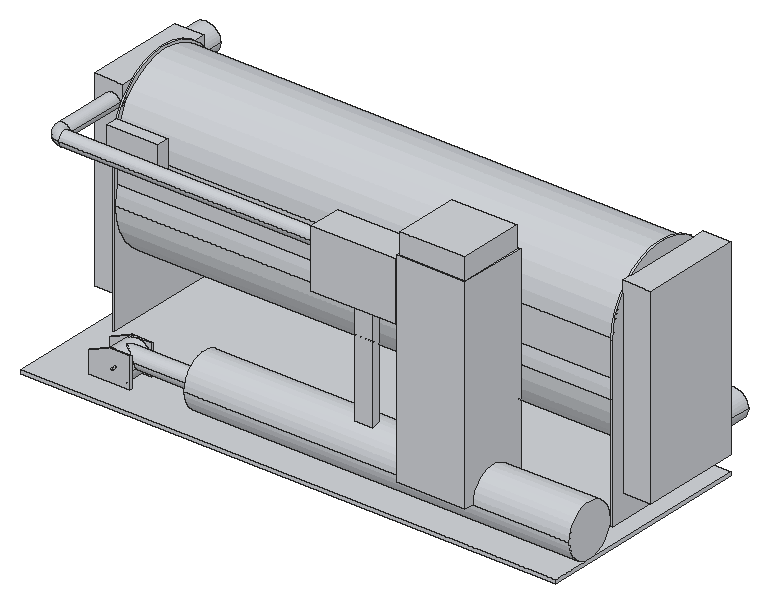
Revit family "12dffa9f85264445aa4aea0790d07088", category Mechanical Equipment, Revit 2021
Family settings
  Round Connector Dimension = Use Radius
  Part Type = Normal
  OmniClass Number = 23.75.10.24.21.21.11
  OmniClass Title = Absorption Water Chillers
  Seek Item ID = Absorption Chiller - Direct Fired - 600-1100 Tons-0000-USA-ENU
  Work Plane-Based = No
  Always vertical = Yes
  Cut with Voids When Loaded = No
  Shared = No
  Room Calculation Point = No
Parameters (values of type "900 Tons")
  Voltage = 460 V
  Load Classification = Cooling
  Exhaust Duct Width = 36 7/8"
  Exhaust Duct Height = 36 7/8"
  Number of Poles = 3
  Length 3 = Length 2 - 0' 10"  # 9' - 5 3/8"
  Length 2 = C3 Offset 3 + Cooling Water Supply Radius + 0' 1"  # 10' - 3 3/8"
  Length 1 = (Chiller Width - 4' 5") / 2  # 2' - 11 5/16"
  Heat Capacity [instance] = 9892000.0 Btu/h
  Half Chiller Height = Chiller Height / 2  # 5' - 5 9/16"
  Gas Radius = 1/2"
  Gas Flow [instance] = 16755 GPM
  Gas Diameter = Gas Radius * 2  # 1"
  Exhaust Flow [instance] = 27601 GPM
  Default Elevation = 0' - 0"
  Cooling Water Supply Radius = 8"
  Cooling Water Supply Diameter = Cooling Water Supply Radius * 2  # 16"
  Cooling Water Return Radius = 8"
  Cooling Water Return Diameter = Cooling Water Return Radius * 2  # 16"
  Condenser Pressure Drop [instance] = 16.07 psi
  Cooling Water Flow [instance] = 3810 GPM
  Cooling Capacity [instance] = 10368000 Btu/h
  Chiller Width = 10' - 3 5/8"
  Chiller Material = none
  Chiller Length = 26' - 1 7/8"
  Chiller Height = 10' - 11 1/8"
  Chilled Water Supply Radius = 6"
  Chilled Water Supply Diameter = Chilled Water Supply Radius * 2  # 12"
  Chilled Water Return Radius = 6"
  Chilled Water Return Diameter = Chilled Water Return Radius * 2  # 12"
  Evaporator Pressure Drop [instance] = 7.56 psi
  Chilled Water Flow [instance] = 2074 GPM
  C6 Offset 1 = 19' - 0"
  C4 Offset 3 = 2' - 10"
  C3 Offset 3 = 9' - 6 3/8"
  C2 Offset 3 = 7' - 7 1/2"
  C1 Offset 3 = 3' - 8 3/4"
  Apparent Load [instance] = 14500 VA
Types (7): name | Exhaust Duct Width | Exhaust Duct Height | Length 3 | Length 2 | Length 1 | Heat Capacity | Half Chiller Height | Gas Flow | Exhaust Flow | Condenser Pressure Drop | Cooling Water Flow | Cooling Capacity | Chiller Width | Chiller Length | Chiller Height | Evaporator Pressure Drop | Chilled Water Flow | C6 Offset 1 | C4 Offset 3 | C3 Offset 3 | C2 Offset 3 | C1 Offset 3 | Apparent Load
  (no name) | 36 7/8" | 36 7/8" | 9' - 5 3/8" | 10' - 3 3/8" | 2' - 11 5/16" | 9892000.0 Btu/h | 5' - 5 9/16" | 16755 GPM | 27601 GPM | 16.07 psi | 3810 GPM | 10368000 Btu/h | 10' - 3 5/8" | 26' - 1 7/8" | 10' - 11 1/8" | 7.56 psi | 2074 GPM | 19' - 0" | 2' - 10" | 9' - 6 3/8" | 7' - 7 1/2" | 3' - 8 3/4" | 14500 VA
  600 Tons | 30 3/4" | 30 3/4" | 9' - 5 1/8" | 10' - 3 1/8" | 2' - 8 1/16" | 6595000.0 Btu/h | 5' - 5 9/16" | 11145 GPM | 18401 GPM | 11.059 psi | 2540 GPM | 6912000 Btu/h | 9' - 9 1/8" | 19' - 0 3/4" | 10' - 11 1/8" | 8.078 psi | 1382 GPM | 12' - 3 7/8" | 2' - 10" | 9' - 6 1/8" | 7' - 6 1/8" | 2' - 8 1/4" | 11400 VA
  700 Tons | 32" | 32" | 9' - 5 1/8" | 10' - 3 1/8" | 2' - 8 1/16" | 7694000.0 Btu/h | 5' - 5 9/16" | 13015 GPM | 21468 GPM | 15.552 psi | 2963 GPM | 8064000 Btu/h | 9' - 9 1/8" | 20' - 9 3/8" | 10' - 11 1/8" | 11.491 psi | 1613 GPM | 13' - 3 5/8" | 2' - 10" | 9' - 6 1/8" | 7' - 6 1/8" | 2' - 8 1/4" | 14500 VA
  800 Tons | 35 1/8" | 35 1/8" | 9' - 5 3/8" | 10' - 3 3/8" | 2' - 11 5/16" | 8793000.0 Btu/h | 5' - 5 9/16" | 14885 GPM | 24534 GPM | 13.355 psi | 3387 GPM | 9216000 Btu/h | 10' - 3 5/8" | 24' - 0 5/8" | 10' - 11 1/8" | 5.789 psi | 1843 GPM | 16' - 6 7/8" | 2' - 10" | 9' - 6 3/8" | 7' - 7 1/2" | 2' - 8 1/4" | 14500 VA
  900 Tons | 36 7/8" | 36 7/8" | 9' - 5 3/8" | 10' - 3 3/8" | 2' - 11 5/16" | 9892000.0 Btu/h | 5' - 5 9/16" | 16755 GPM | 27601 GPM | 16.07 psi | 3810 GPM | 10368000 Btu/h | 10' - 3 5/8" | 26' - 1 7/8" | 10' - 11 1/8" | 7.56 psi | 2074 GPM | 19' - 0" | 2' - 10" | 9' - 6 3/8" | 7' - 7 1/2" | 3' - 8 3/4" | 14500 VA
  1000 Tons | 41 7/8" | 41 7/8" | 10' - 6" | 11' - 4" | 3' - 10 3/4" | 10991000.0 Btu/h | 6' - 0 7/16" | 18625 GPM | 30668 GPM | 8.035 psi | 4233 GPM | 11520000 Btu/h | 12' - 2 1/2" | 22' - 1 1/4" | 12' - 0 7/8" | 4.536 psi | 2304 GPM | 15' - 5 3/8" | 2' - 9 1/8" | 10' - 7" | 8' - 3" | 2' - 8 1/2" | 18100 VA
  1100 Tons | 41 7/8" | 41 7/8" | 10' - 6" | 11' - 4" | 3' - 10 3/4" | 12090000.0 Btu/h | 6' - 0 7/16" | 20495 GPM | 33735 GPM | 9.979 psi | 4657 GPM | 12672000 Btu/h | 12' - 2 1/2" | 23' - 8" | 12' - 0 7/8" | 5.789 psi | 2534 GPM | 17' - 0 1/2" | 2' - 9 1/8" | 10' - 7" | 8' - 3" | 3' - 0 3/8" | 18100 VA
Reference planes (in)
  plane 1 "Center (Front/Back)": y = 0
  plane 2: z = 0
  plane 3 "Center (Left/Right)": x = 0
  plane 4: x = -6
  plane 5: x = 307.875
  plane 6: y = -123.625
  plane 7: x = 301.875
  plane 8: z = 2
  plane 9: x = 10
  plane 10: x = 291.875
  plane 11: x = 11
  plane 12: x = 290.875
  plane 13: y = -70.625
  plane 14: y = -35.3125
  plane 15: z = 131.125
  plane 16: z = 95.8125
  plane 17: y = -1.5
  plane 18: y = -69.125
  plane 19: z = 65.5625
  plane 20: y = -99.625
  plane 21: z = 16.375
  plane 22: x = 25.75
  plane 23: x = 49.125
  plane 24: x = 84.625
  plane 25: z = 14
  plane 26: z = 19
  plane 27: x = 37.4375
  plane 28: y = -91.625
  plane 29: y = -107.625
  plane 30: y = -92.625
  plane 31: y = -106.625
  plane 32: z = 10.5
  plane 33: x = 40.625
  plane 34: y = -109.625
  plane 35: x = 228
  plane 36: y = -81.1875
  plane 37: x = 209.5625
  plane 38: x = 246.4375
  plane 39: y = -118.0625
  plane 40: z = 143
  plane 41: y = -80.1875
  plane 42: y = -119.0625
  plane 43: x = 208.5625
  plane 44: x = 247.4375
  plane 45: x = 203.5
  plane 46: x = 155.5
  plane 47: z = 124.625
  plane 48: z = 129.625
  plane 49: z = 91.9375
  plane 50: y = -103.625
  plane 51: y = -94.28125
  plane 52: y = -112.96875
  plane 53: x = 179.5
  plane 54: x = 174.5
  plane 55: x = 184.5
  plane 56: y = -101.625
  plane 57: y = -105.625
  plane 58: z = 123.375
  plane 59: y = -7
  plane 60: y = -63.625
  plane 61: z = 16
  plane 62: x = 2
  plane 63: z = 44.75
  plane 64: z = 91.5
  plane 65: z = 114.375
  plane 66: y = 5
  plane 67: x = 299.875
  plane 68: z = 34
  plane 69: z = 113.375
  plane 70: x = 4
  plane 71: x = 9
  plane 72: y = -98.625
  plane 73: x = 39.75
  plane 74: z = 92.125
  plane 75: z = 108.875
  plane 76: y = -76.3125
  plane 77: z = 30.25
  plane 78: z = 50.25
  plane 79: x = 13.4375
  plane 80: x = 69.875
Forms (in)
  Extrusion 1, solid, material <- "Chiller Material"
    sketch origin (0, 0, 0) x (1, 0, 0) y (0, 1, 0)
      loop
        line (0, 0) -> (0, -123.625) -> (301.875, -123.625) -> (301.875, 0) -> (0, 0)
    from 0 to 2
  Extrusion 2, solid, material <- "Chiller Material"
    sketch origin (0, 0, 0) x (0, 1, 0) y (0, 0, 1)
      loop
        line (-70.625, 95.8125) -> (-70.625, 2) -> (0, 2) -> (0, 95.8125)
        arc (0, 95.8125) -> (-35.3125, 131.125) -> (-70.625, 95.8125) r 35.3125
    from 11 to 10
  Extrusion 3, solid, material <- "Chiller Material"
    sketch origin (0, 0, 0) x (0, 1, 0) y (0, 0, 1)
      loop
        line (-70.625, 95.8125) -> (-70.625, 2) -> (0, 2) -> (0, 95.8125)
        arc (0, 95.8125) -> (-35.3125, 131.125) -> (-70.625, 95.8125) r 35.3125
    from 290.875 to 291.875
  Extrusion 4, solid, material <- "Chiller Material"
    sketch origin (0, 0, 0) x (0, 1, 0) y (0, 0, 1)
      loop
        line (-69.125, 95.8125) -> (-69.125, 65.5625) -> (-1.5, 65.5625) -> (-1.5, 95.8125)
        arc (-1.5, 95.8125) -> (-35.3125, 129.625) -> (-69.125, 95.8125) r 33.8125
    from 11 to 290.875
  Extrusion 5, solid, material <- "Chiller Material"
    sketch origin (0, 0, 0) x (0, 1, 0) y (0, 0, 1)
      loop
        circle (-35.3125, 65.5625) r 35.3125
    from 11 to 290.875
  Extrusion 6, solid, material <- "Chiller Material"
    sketch origin (0, 0, 0) x (0, 1, 0) y (0, 0, 1)
      loop
        circle (-99.625, 16.375) r 14.375
    from 84.625 to 301.875
  Extrusion 7, solid, material <- "Chiller Material"
    sketch origin (0, 0, 0) x (1, 0, 0) y (0, 0, 1)
      loop
        line (25.75, 14) -> (25.75, 2) -> (49.125, 2) -> (49.125, 19) -> (37.4375, 19) -> (25.75, 14)
    from 106.625 to 107.625
  Extrusion 8, solid, material <- "Chiller Material"
    sketch origin (0, 0, 0) x (1, 0, 0) y (0, 0, 1)
      loop
        line (25.75, 14) -> (25.75, 2) -> (49.125, 2) -> (49.125, 19) -> (37.4375, 19) -> (25.75, 14)
    from 91.625 to 92.625
  Extrusion 9, solid, material <- "Chiller Material"
    sketch origin (0, 0, 0) x (1, 0, 0) y (0, 0, 1)
      loop
        circle (40.625, 10.5) r 8.5
    from 92.625 to 106.625
  Extrusion 10, solid, material <- "Chiller Material"
    sketch origin (0, 0, 0) x (1, 0, 0) y (0, 0, 1)
      loop
        circle (40.625, 10.5) r 0.5
    from 107.625 to 109.625
  Extrusion 11, solid, material <- "Chiller Material"
    sketch origin (0, 0, 0) x (0, 1, 0) y (0, 0, 1)
      loop
        circle (-99.625, 14) r 5
    from 40.625 to 84.625
  Extrusion 12, solid, material <- "Chiller Material"
    sketch origin (0, 0, 0) x (1, 0, 0) y (0, 1, 0)
      loop
        line (209.5625, -81.1875) -> (209.5625, -118.0625) -> (246.4375, -118.0625) -> (246.4375, -81.1875) -> (209.5625, -81.1875)
    from 131.125 to 143
  Extrusion 13, solid, material <- "Chiller Material"
    sketch origin (0, 0, 0) x (1, 0, 0) y (0, 1, 0)
      loop
        line (208.5625, -80.1875) -> (208.5625, -119.0625) -> (247.4375, -119.0625) -> (247.4375, -80.1875) -> (208.5625, -80.1875)
    from 16.375 to 131.125
  Extrusion 14, solid, material <- "Chiller Material"
    sketch origin (0, 0, 0) x (1, 0, 0) y (0, 0, 1)
      loop
        line (155.5, 124.625) -> (155.5, 91.9375) -> (203.5, 91.9375) -> (203.5, 124.625) -> (155.5, 124.625)
    from 94.28125 to 112.96875
  Extrusion 15, solid, material <- "Chiller Material"
    sketch origin (0, 0, 0) x (1, 0, 0) y (0, 1, 0)
      loop
        line (174.5, -101.625) -> (174.5, -105.625) -> (184.5, -105.625) -> (184.5, -101.625) -> (174.5, -101.625)
    from 16.375 to 91.9375
  Extrusion 16, solid, material <- "Chiller Material"
    sketch origin (0, 0, 0) x (0, 1, 0) y (0, 0, 1)
      loop
        line (-7, 123.375) -> (-63.625, 123.375) -> (-63.625, 16) -> (-7, 16) -> (-7, 123.375)
    from -6 to 10
  Extrusion 17, solid, material <- "Chiller Material"
    sketch origin (0, 0, 0) x (0, 1, 0) y (0, 0, 1)
      loop
        line (-7, 123.375) -> (-63.625, 123.375) -> (-63.625, 16) -> (-7, 16) -> (-7, 123.375)
    from 291.875 to 307.875
  Extrusion 18, solid, material <- "Chiller Material"
    sketch origin (0, 0, 0) x (1, 0, 0) y (0, 0, 1)
      loop
        circle (2, 44.75) r 6
      loop
        circle (0, 91.5) r 6
      loop
        circle (2, 114.375) r 8
    from -5 to 7
  Extrusion 19, solid, material <- "Chiller Material"
    sketch origin (0, 0, 0) x (1, 0, 0) y (0, 0, 1)
      loop
        circle (299.875, 34) r 8
    from 7 to -5
  Sweep 20, solid, material <- "Chiller Material"
    path in 3D
      loop
        line (4, -63.625, 113.375) -> (4, -98.625, 113.375)
        arc (4, -98.625, 113.375) -> (5.46447, -102.16053, 113.375) -> (9, -103.625, 113.375) r 5
        line (9, -103.625, 113.375) -> (155.5, -103.625, 113.375)
    profile origin (82.25, -103.625, 113.375) x (0, 1, 0) y (0, 0, 1)
      loop
        circle (0, 0) r 4
  Extrusion 21, solid, material <- "Chiller Material"
    sketch origin (0, 0, 0) x (1, 0, 0) y (0, 0, 1)
      loop
        line (11, 108.875) -> (11, 92.125) -> (39.75, 92.125) -> (39.75, 108.875) -> (11, 108.875)
    from 69.125 to 76.3125
  Extrusion 22, solid, material <- "Chiller Material"
    sketch origin (0, 0, 0) x (0, 1, 0) y (0, 0, 1)
      loop
        circle (0, 50.25) r 8
    from 13.4375 to 69.875
Cuts and joins
  joined: Extrusion 1, Extrusion 2, Extrusion 3, Extrusion 4, Extrusion 5, Extrusion 6, Extrusion 7, Extrusion 8, Extrusion 9, Extrusion 10, Extrusion 11, Extrusion 12, Extrusion 13, Extrusion 14, Extrusion 15, Extrusion 16, Extrusion 17, Extrusion 18, Extrusion 19, Sweep 20, Extrusion 21, Extrusion 22
Lines and regions (in)
  reference lines
    curve 1: arc (4, -98.625, 113.375) -> (5.46447, -102.16053, 113.375) -> (9, -103.625, 113.375) r 5
    curve 2: line (4, -63.625, 113.375) -> (4, -98.625, 113.375)
    curve 3: line (9, -103.625, 113.375) -> (155.5, -103.625, 113.375)
  sketch lines
    curve 4: line (9, -103.625, 113.375) -> (155.5, -103.625, 113.375)
    curve 5: arc (4, -98.625, 113.375) -> (5.46447, -102.16053, 113.375) -> (9, -103.625, 113.375) r 5
    curve 6: line (4, -63.625, 113.375) -> (4, -98.625, 113.375)
Dimensions and locks (in)
  locked: plane 4 to plane 3 "Center (Left/Right)" at 6
  "Chiller Length": plane 4 to plane 5
  "Chiller Width": plane 1 "Center (Front/Back)" to plane 6
  locked: plane 7 to plane 5 at 6
  locked: plane 8 to plane 2 at 2
  locked: plane 3 "Center (Left/Right)" to plane 9 at 10
  locked: plane 10 to plane 7 at 10
  locked: plane 9 to plane 11 at 1
  locked: plane 12 to plane 10 at 1
  locked: plane 13 to plane 6 at 53
  "Chiller Height": plane 15 to plane 2
  equal spacing: plane 1 "Center (Front/Back)", plane 14, plane 13
  "Length 1": plane 15 to plane 16
  locked: plane 1 "Center (Front/Back)" to plane 17 at 1.5
  locked: plane 18 to plane 13 at 1.5
  "Half Chiller Height": plane 19 to plane 2
  locked: plane 20 to plane 6 at 24
  locked: plane 21 to plane 8 at 14.375
  locked: plane 22 to plane 3 "Center (Left/Right)" at 25.75
  locked: plane 23 to plane 22 at 23.375
  locked: plane 24 to plane 23 at 35.5
  locked: plane 25 to plane 8 at 12
  locked: plane 26 to plane 8 at 17
  locked: plane 23 to plane 27 at 11.6875
  locked: plane 28 to plane 20 at 8
  locked: plane 20 to plane 29 at 8
  locked: plane 28 to plane 30 at 1
  locked: plane 31 to plane 29 at 1
  locked: plane 26 to plane 32 at 8.5
  locked: plane 23 to plane 33 at 8.5
  locked: plane 29 to plane 34 at 2
  "C6 Offset 1": plane 3 "Center (Left/Right)" to plane 35
  "Exhaust Duct Height": plane 37 to plane 38
  "Exhaust Duct Width": plane 36 to plane 39
  equal spacing: plane 37, plane 35, plane 38
  equal spacing: plane 36, plane 20, plane 39
  locked: plane 40 to plane 15 at 11.875
  locked: plane 41 to plane 36 at 1
  locked: plane 39 to plane 42 at 1
  locked: plane 43 to plane 37 at 1
  locked: plane 38 to plane 44 at 1
  locked: plane 43 to plane 45 at 5.0625
  locked: plane 45 to plane 46 at 48
  locked: plane 15 to plane 48 at 1.5
  locked: plane 48 to plane 47 at 5
  locked: plane 47 to plane 49 at 32.6875
  locked: plane 50 to plane 6 at 20
  equal spacing: plane 51, plane 50, plane 52
  locked: plane 51 to plane 52 at 18.6875
  equal spacing: plane 46, plane 53, plane 45
  locked: plane 54 to plane 53 at 5
  locked: plane 53 to plane 55 at 5
  locked: plane 56 to plane 50 at 2
  locked: plane 50 to plane 57 at 2
  "Length 2": plane 58 to plane 2
  locked: plane 1 "Center (Front/Back)" to plane 59 at 7
  locked: plane 60 to plane 13 at 7
  locked: plane 61 to plane 2 at 16
  equal spacing: plane 9, plane 62, plane 4
  "C1 Offset 3": plane 63 to plane 2
  "C2 Offset 3": plane 64 to plane 2
  "C3 Offset 3": plane 65 to plane 2
  locked: plane 59 to plane 66 at 12
  equal spacing: plane 5, plane 67, plane 10
  "C4 Offset 3": plane 68 to plane 2
  "Length 3": plane 69 to plane 2
  locked: plane 3 "Center (Left/Right)" to plane 70 at 4
  locked: plane 70 to plane 71 at 5
  locked: plane 72 to plane 50 at 5
  locked: plane 73 to plane 11 at 28.75
  locked: plane 15 to plane 74 at 39
  locked: plane 75 to plane 74 at 16.75
  locked: plane 13 to plane 76 at 5.6875
  "Length 1": plane 19 to plane 77
  locked: plane 78 to plane 77 at 20
  locked: plane 79 to plane 4 at 19.4375
  locked: plane 80 to plane 79 at 56.4375
  "Length 1": radius of Extrusion 2 sketch curve
  "Length 1": radius of Extrusion 3 sketch curve
  "Length 1": radius of Extrusion 5 sketch curve
  radius of Extrusion 6 sketch curve = 1' - 2 3/8"
  radius of Extrusion 9 sketch curve = 0' - 8 1/2"
  "Gas Radius": radius of Extrusion 10 sketch curve
  radius of Extrusion 11 sketch curve = 0' - 5"
  "Chilled Water Supply Radius": radius of Extrusion 18 sketch curve
  "Chilled Water Return Radius": radius of Extrusion 18 sketch curve
  "Cooling Water Supply Radius": radius of Extrusion 18 sketch curve
  "Cooling Water Return Radius": radius of Extrusion 19 sketch curve
  radius of curve 1 = 0' - 5"
  radius of Sweep 20 sketch curve = 0' - 4"
  radius of Extrusion 22 sketch curve = 0' - 8"
  angle curve 1 to curve 1 = 90.00°
  aligned and locked: plane 3 "Center (Left/Right)" to Extrusion 1 sketch curve
  aligned and locked: plane 1 "Center (Front/Back)" to Extrusion 1 sketch curve
  aligned and locked: Extrusion 1 sketch curve to plane 6
  aligned and locked: Extrusion 1 sketch curve to plane 7
  aligned and locked: Extrusion 1 to plane 2
  aligned and locked: Extrusion 1 to plane 8
  aligned and locked: plane 16 to Extrusion 2 sketch curve  (x3)
  aligned and locked: plane 8 to Extrusion 2 sketch curve
  aligned and locked: Extrusion 2 sketch curve to plane 13
  aligned and locked: plane 1 "Center (Front/Back)" to Extrusion 2 sketch curve
  aligned and locked: plane 13 to Extrusion 2 sketch curve
  aligned and locked: Extrusion 2 sketch curve to plane 8
  aligned and locked: Extrusion 2 to plane 9
  aligned and locked: plane 11 to Extrusion 2
  aligned and locked: plane 16 to Extrusion 3 sketch curve  (x3)
  aligned and locked: plane 8 to Extrusion 3 sketch curve  (x2)
  aligned and locked: Extrusion 3 sketch curve to plane 13
  aligned and locked: plane 1 "Center (Front/Back)" to Extrusion 3 sketch curve
  aligned and locked: plane 13 to Extrusion 3 sketch curve
  aligned and locked: plane 10 to Extrusion 3
  aligned and locked: Extrusion 3 to plane 12
  aligned and locked: plane 16 to Extrusion 4 sketch curve  (x3)
  aligned and locked: plane 19 to Extrusion 4 sketch curve
  aligned and locked: Extrusion 4 sketch curve to plane 18
  aligned and locked: Extrusion 4 sketch curve to plane 17
  aligned and locked: plane 17 to Extrusion 4 sketch curve
  aligned and locked: plane 18 to Extrusion 4 sketch curve
  aligned and locked: Extrusion 4 sketch curve to plane 19
  aligned and locked: Extrusion 4 to plane 11
  aligned and locked: plane 12 to Extrusion 4
  aligned and locked: plane 19 to Extrusion 5 sketch curve
  aligned and locked: plane 14 to Extrusion 5 sketch curve
  aligned and locked: Extrusion 5 to plane 11
  aligned and locked: plane 12 to Extrusion 5
  aligned and locked: plane 21 to Extrusion 6 sketch curve
  aligned and locked: plane 20 to Extrusion 6 sketch curve
  aligned and locked: plane 7 to Extrusion 6
  aligned and locked: Extrusion 6 to plane 24
  aligned and locked: plane 26 to Extrusion 7 sketch curve  (x2)
  aligned and locked: plane 27 to Extrusion 7 sketch curve
  aligned and locked: Extrusion 7 sketch curve to plane 23
  aligned and locked: plane 23 to Extrusion 7 sketch curve
  aligned and locked: plane 22 to Extrusion 7 sketch curve
  aligned and locked: plane 25 to Extrusion 7 sketch curve
  aligned and locked: plane 8 to Extrusion 7 sketch curve
  aligned and locked: Extrusion 7 sketch curve to plane 22
  aligned and locked: Extrusion 7 to plane 29
  aligned and locked: plane 31 to Extrusion 7
  aligned and locked: plane 27 to Extrusion 8 sketch curve
  aligned and locked: Extrusion 8 sketch curve to plane 26
  aligned and locked: plane 26 to Extrusion 8 sketch curve
  aligned and locked: Extrusion 8 sketch curve to plane 23
  aligned and locked: plane 23 to Extrusion 8 sketch curve
  aligned and locked: plane 22 to Extrusion 8 sketch curve
  aligned and locked: Extrusion 8 sketch curve to plane 8
  aligned and locked: plane 25 to Extrusion 8 sketch curve
  aligned and locked: Extrusion 8 sketch curve to plane 22
  aligned and locked: Extrusion 8 to plane 30
  aligned and locked: plane 28 to Extrusion 8
  aligned and locked: plane 32 to Extrusion 9 sketch curve
  aligned and locked: plane 33 to Extrusion 9 sketch curve
  aligned and locked: Extrusion 9 to plane 31
  aligned and locked: plane 30 to Extrusion 9
  aligned and locked: plane 32 to Extrusion 10 sketch curve
  aligned and locked: plane 33 to Extrusion 10 sketch curve
  aligned and locked: Extrusion 10 to plane 34
  aligned and locked: plane 29 to Extrusion 10
  aligned and locked: plane 25 to Extrusion 11 sketch curve
  aligned and locked: plane 20 to Extrusion 11 sketch curve
  aligned and locked: plane 24 to Extrusion 11
  aligned and locked: Extrusion 11 to plane 33
  aligned and locked: plane 37 to Extrusion 12 sketch curve
  aligned and locked: plane 36 to Extrusion 12 sketch curve
  aligned and locked: Extrusion 12 sketch curve to plane 39
  aligned and locked: Extrusion 12 sketch curve to plane 38
  aligned and locked: Extrusion 12 to plane 40
  aligned and locked: Extrusion 12 to plane 15
  aligned and locked: plane 43 to Extrusion 13 sketch curve
  aligned and locked: plane 41 to Extrusion 13 sketch curve
  aligned and locked: Extrusion 13 sketch curve to plane 42
  aligned and locked: Extrusion 13 sketch curve to plane 44
  aligned and locked: Extrusion 13 to plane 15
  aligned and locked: Extrusion 13 to plane 21
  aligned and locked: plane 46 to Extrusion 14 sketch curve
  aligned and locked: plane 47 to Extrusion 14 sketch curve
  aligned and locked: Extrusion 14 sketch curve to plane 49
  aligned and locked: Extrusion 14 sketch curve to plane 45
  aligned and locked: Extrusion 14 to plane 52
  aligned and locked: Extrusion 14 to plane 51
  aligned and locked: plane 54 to Extrusion 15 sketch curve
  aligned and locked: plane 56 to Extrusion 15 sketch curve
  aligned and locked: Extrusion 15 sketch curve to plane 57
  aligned and locked: Extrusion 15 sketch curve to plane 55
  aligned and locked: Extrusion 15 to plane 49
  aligned and locked: Extrusion 15 to plane 21
  aligned and locked: Extrusion 16 sketch curve to plane 61
  aligned and locked: plane 59 to Extrusion 16 sketch curve
  aligned and locked: plane 60 to Extrusion 16 sketch curve
  aligned and locked: Extrusion 16 sketch curve to plane 58
  aligned and locked: Extrusion 16 to plane 4
  aligned and locked: plane 9 to Extrusion 16
  aligned and locked: Extrusion 17 sketch curve to plane 61
  aligned and locked: plane 59 to Extrusion 17 sketch curve
  aligned and locked: plane 60 to Extrusion 17 sketch curve
  aligned and locked: Extrusion 17 sketch curve to plane 58
  aligned and locked: plane 5 to Extrusion 17
  aligned and locked: Extrusion 17 to plane 10
  aligned and locked: plane 63 to Extrusion 18 sketch curve
  aligned and locked: plane 62 to Extrusion 18 sketch curve  (x2)
  aligned and locked: plane 3 "Center (Left/Right)" to Extrusion 18 sketch curve
  aligned and locked: plane 65 to Extrusion 18 sketch curve
  aligned and locked: plane 66 to Extrusion 18
  aligned and locked: plane 59 to Extrusion 18
  aligned and locked: Extrusion 19 sketch curve to plane 68
  aligned and locked: plane 67 to Extrusion 19 sketch curve
  aligned and locked: plane 59 to Extrusion 19
  aligned and locked: Extrusion 19 to plane 66
  aligned and locked: plane 69 to Sweep 20 sketch curve
  aligned and locked: plane 50 to Sweep 20 sketch curve
  aligned and locked: plane 74 to Extrusion 21 sketch curve
  aligned and locked: plane 11 to Extrusion 21 sketch curve
  aligned and locked: Extrusion 21 sketch curve to plane 75
  aligned and locked: Extrusion 21 sketch curve to plane 73
  aligned and locked: Extrusion 21 to plane 76
  aligned and locked: Extrusion 21 to plane 18
  aligned and locked: plane 78 to Extrusion 22 sketch curve
  aligned and locked: plane 1 "Center (Front/Back)" to Extrusion 22 sketch curve
  aligned and locked: plane 80 to Extrusion 22
  aligned and locked: Extrusion 22 to plane 79
Automatic sketch dimensions
  curve 3 to plane 46 = 0' - 0"
  curve 3 to plane 71 = 0' - 0"
  curve 2 to plane 60 = 0' - 0"
  curve 2 to plane 72 = 0' - 0"
  Extrusion 18 sketch curve to plane 64 = 0' - 0"
Connectors (in)
  piping at (0, 5, 91.5), diameter 12, driven by "Chilled Water Flow", driven by "Chilled Water Return Radius"
    settings: on cut or joined group 1 (Extrusion 1, Extrusion 2, Extrusion 3, Extrusion 4, Extrusion 5, Extrusion 6, Extrusion 7, Extrusion 8, Extrusion 9, Extrusion 10, Extrusion 11, Extrusion 12, Extrusion 13, Extrusion 14, Extrusion 15, Extrusion 16, Extrusion 17, Extrusion 18, Extrusion 19, Sweep 20, Extrusion 21, Extrusion 22), index 1, connector inside diameter 12", connector length 0' - 0", flow factor 0, pipe flow 2074 GPM, pressure drop 0.00 psi, fitting loss kfactor 0, connector angle 0.00°, fixture units 0, engagement length 0' - 0", angle of deflection 0.00°, flow configuration 0, flow direction 1, fitting loss method 4, system type 8, joint type 0, gender type 0, connector reference index 2, connector utility 0, adjustable connector no, is connector primary yes, connector description "Chilled Water In"
  piping at (2, 5, 44.75), diameter 12, driven by "Chilled Water Flow", driven by "Evaporator Pressure Drop", driven by "Chilled Water Supply Radius"
    settings: on cut or joined group 1, index 2, connector inside diameter 12", connector length 0' - 0", flow factor 0, pipe flow 2074 GPM, pressure drop 7.56 psi, fitting loss kfactor 0, connector angle 0.00°, fixture units 0, engagement length 0' - 0", angle of deflection 0.00°, flow configuration 0, flow direction 2, fitting loss method 4, system type 7, joint type 0, gender type 0, connector reference index 1, connector utility 0, adjustable connector no, is connector primary no, connector description "Chilled Water Out"
  piping at (2, 5, 114.375), diameter 16, driven by "Cooling Water Supply Radius", driven by "Cooling Water Flow"
    settings: on cut or joined group 1, index 3, connector inside diameter 16", connector length 0' - 0", flow factor 0, pipe flow 3810 GPM, pressure drop 0.00 psi, fitting loss kfactor 0, connector angle 0.00°, fixture units 0, engagement length 0' - 0", angle of deflection 0.00°, flow configuration 1, flow direction 1, fitting loss method 4, system type 7, joint type 0, gender type 0, connector reference index 4, connector utility 0, adjustable connector no, is connector primary no, connector description "Cooling Water In"
  piping at (299.875, 5, 34), diameter 16, driven by "Cooling Water Flow", driven by "Condenser Pressure Drop", driven by "Cooling Water Return Radius"
    settings: on cut or joined group 1, index 4, connector inside diameter 16", connector length 0' - 0", flow factor 0, pipe flow 3810 GPM, pressure drop 16.07 psi, fitting loss kfactor 0, connector angle 0.00°, fixture units 0, engagement length 0' - 0", angle of deflection 0.00°, flow configuration 0, flow direction 2, fitting loss method 4, system type 8, joint type 0, gender type 0, connector reference index 3, connector utility 0, adjustable connector no, is connector primary no, connector description "Cooling Water Out"
  piping at (40.625, -109.625, 10.5), diameter 1, driven by "Gas Radius", driven by "Gas Flow"
    settings: on cut or joined group 1, index 5, connector inside diameter 1", connector length 0' - 0", flow factor 0, pipe flow 16755 GPM, pressure drop 0.00 psi, fitting loss kfactor 0, connector angle 0.00°, fixture units 0, engagement length 0' - 0", angle of deflection 0.00°, flow configuration 1, flow direction 1, fitting loss method 0, system type 22, joint type 0, gender type 0, connector reference index -1, connector utility 0, adjustable connector no, is connector primary no, connector description "Gas In"
  hvac at (228, -99.625, 143), driven by "Exhaust Duct Height", driven by "Exhaust Duct Width", driven by "Exhaust Flow"
    settings: on cut or joined group 1, index 6, duct flow 3689.72 CFM, flow factor 0, pres drop 0.00 in-wg, loss coef 0, conn angle 0.00°, conn width 36 7/8", conn height 36 7/8", conn diameter 24", duct sys type 3, conn prof type 1, flow config 1, flow direction 2, loss method 0, conn ref index -1, conn util no, is conn primary yes, conn desc ""
  electrical at (25.375, -76.3125, 100.5), driven by "Apparent Load", driven by "Voltage", driven by "Number of Poles", driven by "Load Classification"
    settings: on cut or joined group 1, index 7, voltage 460 V, apparent load 14500 VA, apparent load phase1 0 VA, apparent load phase2 0 VA, apparent load phase3 0 VA, power factor 0.8, load classification "Cooling", number of poles 3, system type 30, power factor state 1, is connector primary yes, connector utility no, sub classification motor no, connector description ""
